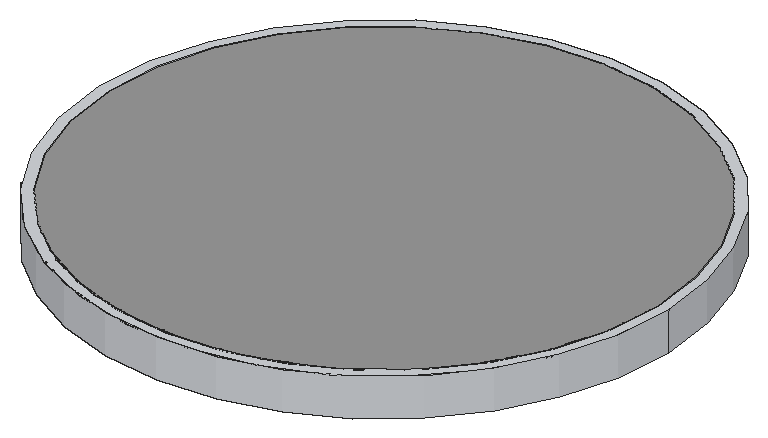
Revit family "2071234", category Lighting Fixtures, host Face, Revit 2018
Family settings
  Host = Face
  Round Connector Dimension = Use Diameter
  Part Type = Normal
  OmniClass Number = 23.80.70.00
  OmniClass Title = Lighting
  Cut with Voids When Loaded = No
  Light Source = Yes
  Shared = No
  Room Calculation Point = No
Parameters (values of type "2071234 COLOSSAL 900 830 OP DIR WHT DALI EM")
  iner diameter = 856 mm
  Weight = "n/a"
  Wattage Comments = ""
  Wattage = 30 W
  WarrantyStartDate [instance] = "n/a"
  WarrantyGuarantorParts = "n/a"
  WarrantyDurationUnit = "n/a"
  WarrantyDurationParts = ""
  WarrantyDescription = "http://www.sylvania-lighting.com"
  built-in parameter 1150110 = 1 (stored number, unit not read)
  Voltage = 230 V
  URL = "0.95"
  TypeName = "COLOSSAL 900mm 830 OPAL DIR WHITE DALI EM"
  Type Image = <None>
  Type Comments = "n/a"
  built-in parameter 1114217 = 1 (stored number, unit not read)
  Tilt Angle = -90.00°
  built-in parameter 1150109 = 1 (stored number, unit not read)
  built-in parameter 1150134 = (empty or 0)
  built-in parameter 1150113 = 1 (stored number, unit not read)
  SerialNumber [instance] = "n/a"
  Photometric Web File = "2071234.ies"
  Material_3_SYL = LED-Sylvania
  PowerFactor = 0
  PowerConsumption = "Lighting"
  NominalLength = 888 mm
  NominalHeight = 93 mm
  NominalDepth = 888 mm
  Name = "COLOSSAL 900mm 830 OPAL DIR WHITE DALI EM"
  ModelReference = Name  # "COLOSSAL 900mm 830 OPAL DIR WHITE DALI EM"
  ModelNumber = "2071234"
  Model = Name  # "COLOSSAL 900mm 830 OPAL DIR WHITE DALI EM"
  Material = "Feilo Sylvania"
  ManufacturerName = "132 lm/W"
  Manufacturer = ""
  LuminousEfficacy = ""
  built-in parameter 1150105 = 270.44 (stored number, unit not read)
  Lumens = 3398.4 lm
  LuminaireType = "0"
  built-in parameter 1150115 = 1 (stored number, unit not read)
  LightOutputRatio = "LED"
  built-in parameter 1150137 = (empty or 0)
  built-in parameter 1150139 = (empty or 0)
  LampsType = Lamp  # "n/a"
  LampNominalLuminous = "3000 K"
  LampMacAdamStep = "80"
  LampColourTemperature = "LED"
  LampColourRenderingIndex = "16500"
  built-in parameter 1150112 = 1 (stored number, unit not read)
  built-in parameter 1150114 = 1 (stored number, unit not read)
  Lamp = "n/a"
  Keynote = "n/a"
  InstallationDate [instance] = "n/a"
  InputVoltage = "0"
  InputNominalFrequency = "3000"
  built-in parameter 1150132 = (empty or 0)
  built-in parameter 1150102 = (empty or 0)
  built-in parameter 1150107 = 3000 (stored number, unit not read)
  built-in parameter 1150138 = (empty or 0)
  IngressProtection = "IfcLightFixtureType"
  ImpactProtectionIndex = "IfcLightFixtureType"
  built-in parameter 1150106 = 2.7044 (stored number, unit not read)
  IfcExportType = "IfcLightFixtureType"
  IfcExportAs = "Class I"
  Emit from Circle Diameter = 385 mm
  Emit Shape Visible in Rendering = no
  ElectricShockClassification = "132"
  built-in parameter 1150104 = 10.524 (stored number, unit not read)
  DocumentationLiterature = "http://www.sylvania-lighting.com/product/en-int/products/2071234"
  DimmingControlOptions = "n/a"
  Material_2_SYL = Polycarbonate_Sylvania_White
  Dimming Lamp Color Temperature Shift = <None>
  Description = "900mm diameter circular architectural luminaire, can be surface mounted or suspended. Powder coated aluminium housing (RAL9016) with polycarbonate opal diffuser. Direct light distribution, 10375lm luminuous flux, 78.5W system power, 132lm/W luminiaire efficacy. DALI dimmable. 3 hours integrated emergency. Colour rendering index Ra >80, 3000K Warm White LED, chromaticity tolerance of 3-step MacAdam ellipse. IP40/IP20, IK03. 450mA drive current. Electrical protection Class1, 220-240V. Reported lifetime 66k hours L90B10."
  Default Elevation = 1219.2 mm
  CreatedOn = "23/03/2022"
  CreatedBy = "@sylvania-lighting.com"
  Cost = 0
  Color Filter = 16777215
  built-in parameter 1114216 [instance] = (empty or 0)
  ClassificationValue = "EF_70_80"
  ClassificationName = "Uniclass2015"
  Material_1_SYL = Polycarbonate_Sylvania_Opal
  BarCode [instance] = "n/a"
  built-in parameter 1114218 = 1 (stored number, unit not read)
  built-in parameter 1150133 = 10 (stored number, unit not read)
  AssetType = "Fixed"
  AssetIdentifier [instance] = "n/a"
  Assembly Code = "D5020200"
  Apparent Load = 78.5 VA
  Material_4_SYL = none
Reference planes
  plane 1 "Center (Front/Back)": y = 0
  plane 2: z = 0
  plane 3 "Center (Left/Right)": x = 0
  plane 4: z = 1.161
  plane 5: z = 16.161
  plane 6: x = -444
  plane 7: x = 444
  plane 8: y = 444
  plane 9: y = -444
  plane 10: y = 236
  plane 11: y = -236
  plane 12: x = 85
  plane 13: x = -85
  plane 14: through (0, 0, 1219.2) normal (0.5, 0.866, 0)
  plane 15: through (42.5, 73.612, 1219.2) normal (0.5, 0.866, 0)
  plane 16: through (-42.5, -73.612, 1219.2) normal (0.5, 0.866, 0)
  plane 17: through (0, 0, 1219.2) normal (0.5, -0.866, 0)
  plane 18: through (-42.5, 73.612, 1219.2) normal (0.5, -0.866, 0)
  plane 19: through (42.5, -73.612, 1219.2) normal (0.5, -0.866, 0)
  plane 20: z = 93
  plane 21: y = 428
  plane 22: y = -428
Forms (mm)
  Extrusion 1, solid, detail levels medium+fine
    sketch origin (0, 0, 0) x (0.866025, -0.5, 0) y (0.5, 0.866025, 0)
      loop
        circle (-50, 86.603) r 22
    from 0 to 2
  Extrusion 2, solid, detail levels medium+fine
    sketch origin (0, 0, 0) x (0.866025, -0.5, 0) y (0.5, 0.866025, 0)
      loop
        circle (100, 0) r 22
      loop
        circle (-50, -86.603) r 22
    from 0 to 2
  Blend 3, solid, detail levels medium+fine
    base sketch origin (0, 0, 0) x (1, 0, 0) y (0, 1, 0)
      loop
        line (-85, 236) -> (-246.882, -44.388) -> (-161.882, -191.612) -> (161.882, -191.612) -> (246.882, -44.388) -> (85, 236) -> (-85, 236)
    top sketch origin (0, 0, 0) x (1, 0, 0) y (0, 1, 0)
      loop
        line (-85, 283.076) -> (-287.651, -67.926) -> (-207.792, -218.119) -> (207.792, -218.119) -> (292.5, -71.401) -> (85, 283.076) -> (-85, 283.076)
    from 0 to 33.022
  Extrusion 4, solid, detail levels medium+fine
    sketch origin (0, 0, 0) x (1, 0, 0) y (0, 1, 0)
      loop
        circle (0, 0) r 444
    from 33.022 to 93
  Extrusion 5, void
    sketch origin (0, 0, 0) x (1, 0, 0) y (0, 1, 0)
      loop
        circle (0, 0) r 428
    from 96.588 to 37.292
  Extrusion 6, solid, material "Glass, White, High Luminance", detail levels fine
    sketch origin (0, 0, 0) x (1, 0, 0) y (0, 1, 0)
      loop
        circle (0, 0) r 428
    from 87.991 to 93
  Extrusion 7, solid, detail levels coarse
    sketch origin (0, 0, 0) x (1, 0, 0) y (0, 1, 0)
      loop
        line (-444, 444) -> (-444, -444) -> (444, -444) -> (444, 444) -> (-444, 444)
    from 0 to 93.648
Cuts and joins
  Extrusion 5 cuts Extrusion 1
  Extrusion 5 cuts Extrusion 2
  Extrusion 5 cuts Blend 3
  Extrusion 5 cuts Extrusion 4
Lines and regions (mm)
  model lines, detail levels medium+fine
    curve 1: circle (0, 0, 0) r 100 normal (0, 0, 1)
Dimensions and locks
  "NominalDepth": plane 8 to plane 9
  plane 8 to plane 1 "Center (Front/Back)" to plane 9 = 444 mm, 444 mm
  "NominalLength": plane 6 to plane 7
  equal spacing: plane 6, plane 3 "Center (Left/Right)", plane 7
  "NominalHeight": level to plane 20
  "iner diameter": plane 21 to plane 22
  equal spacing: plane 21, plane 1 "Center (Front/Back)", plane 22
  aligned and locked: plane 2 to host face
  aligned and locked: level to host face
Automatic sketch dimensions
  host sketch curve to host sketch curve = 2438.4 mm  (x2)
  Extrusion 1 sketch curve to plane 3 "Center (Left/Right)" = 0 mm
  Extrusion 1 sketch curve to plane 1 "Center (Front/Back)" = 100 mm
  plane 1 "Center (Front/Back)" to Extrusion 2 sketch curve = 50 mm
  Extrusion 2 sketch curve to plane 3 "Center (Left/Right)" = 86.603 mm
  Extrusion 2 sketch curve to Extrusion 2 sketch curve = 150 mm
  Extrusion 2 sketch curve to Extrusion 2 sketch curve = 86.603 mm
  plane 1 "Center (Front/Back)" to curve 1 = 0 mm
  curve 1 to plane 3 "Center (Left/Right)" = 0 mm
  plane 18 to Blend 3 sketch curve = 0 mm  (x2)
  plane 19 to Blend 3 sketch curve = 0 mm  (x2)
  Blend 3 sketch curve to plane 10 = 0 mm
  Blend 3 sketch curve to plane 13 = 0 mm  (x2)
  Blend 3 sketch curve to plane 12 = 0 mm  (x2)
  Blend 3 sketch curve to plane 16 = 0 mm  (x2)
  Blend 3 sketch curve to plane 15 = 0 mm
  plane 11 to Blend 3 sketch curve = 44.388 mm
  plane 1 "Center (Front/Back)" to Blend 3 sketch curve = 44.388 mm  (x2)
  plane 11 to Blend 3 sketch curve = 17.881 mm
  plane 1 "Center (Front/Back)" to Blend 3 sketch curve = 67.926 mm
  plane 1 "Center (Front/Back)" to Blend 3 sketch curve = 71.401 mm
  Blend 3 sketch curve to plane 7 = 151.5 mm
  plane 10 to Blend 3 sketch curve = 47.076 mm
  plane 1 "Center (Front/Back)" to Extrusion 4 sketch curve = 0 mm
  Extrusion 4 sketch curve to plane 3 "Center (Left/Right)" = 0 mm
  plane 1 "Center (Front/Back)" to Extrusion 5 sketch curve = 0 mm
  Extrusion 5 sketch curve to plane 3 "Center (Left/Right)" = 0 mm
  plane 1 "Center (Front/Back)" to Extrusion 6 sketch curve = 0 mm
  Extrusion 6 sketch curve to plane 3 "Center (Left/Right)" = 0 mm
  Extrusion 7 sketch curve to plane 6 = 0 mm
  Extrusion 7 sketch curve to plane 7 = 0 mm
  Extrusion 7 sketch curve to plane 9 = 0 mm
  Extrusion 7 sketch curve to plane 8 = 0 mm
  radius of Extrusion 1 sketch curve = 22 mm
  radius of Extrusion 2 sketch curve = 22 mm  (x2)
  radius of curve 1 = 100 mm
  radius of Extrusion 4 sketch curve = 444 mm
  radius of Extrusion 5 sketch curve = 428 mm
  radius of Extrusion 6 sketch curve = 428 mm
Connectors
  electrical at (0, 0, 0), driven by "Apparent Load", driven by "PowerFactor", driven by "Voltage"
    settings: index 1, voltage 230 V, apparent load 78.5 VA, apparent load phase1 0 VA, apparent load phase2 0 VA, apparent load phase3 0 VA, power factor 0, load classification "Lighting", number of poles 1, system type 30, power factor state 1, is connector primary yes, connector utility no, sub classification motor no, connector description ""
